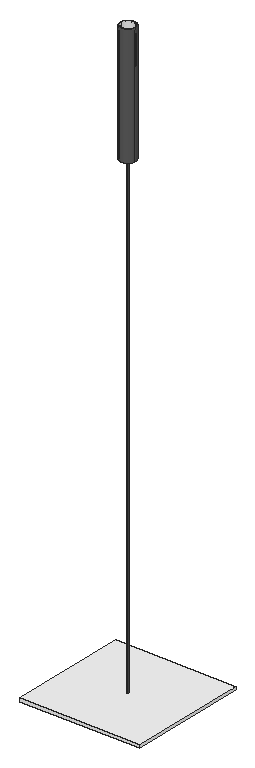
Revit family "BE_50983.2_de_DE", category Leuchten, Revit 2020
Family settings
  Basisbauteil = Fläche
  Bemaßung runder Anschluss = Durchmesser verwenden
  Teiletyp = Normal
  Beim Laden mit Abzugskörper schneiden = Ja
  Lichtquelle = Ja
  Gemeinsam genutzt = Nein
  Raumberechnungspunkt = Ja
Parameters (values of type "BEGA_50983.2_K3")
  built-in parameter 1150104 = 14.409 (stored number, unit not read)
  Wattage = 7.9 W
  Default Elevation = 0 mm
  built-in parameter 1150113 = 1 (stored number, unit not read)
  built-in parameter 1114218 = 1 (stored number, unit not read)
  Umgebungstemperatur = "25 °C"
  URL = "https://www.bega.com/de/produkt/50983.2"
  Typenkommentare = "© 2022 BEGA. Wir behalten uns das Recht vor, technische Änderungen ohne vorherige Ankündigung vorzunehmen."  # constant formula
  built-in parameter 1150134 = (empty or 0)
  built-in parameter 1150109 = 1 (stored number, unit not read)
  Strom = "0,35 A"
  built-in parameter 1150110 = 1 (stored number, unit not read)
  Spannung = 0 V
  Sonderanfertigung = no
  Seriennummer [instance] = "Hier können Sie die eindeutige Seriennummer für das Facility Management eintragen."
  Schutzklasse = "III"
  Schutzart = "IP 20"
  Scheinlast = 0 VA
  Produktdatenblatt = "https://cdn.bega.com/bega/products/50983.2K3/current/documents/data-sheets/de"
  Oberflächentemperatur = ""
  Neigungswinkel = 0.00°
  Modell = "50983.2K3"
  Material_35 = BEGA_Oberfläche_Samtschwarz_matt
  Material_22 = BEGA_Oberfläche_Aluminium_matt
  Material_17 = BEGA_Reflektor
  Material_15 = BEGA_Leuchtmedium_matt
  Material_11 = BEGA_Glas_opal
  Material_10 = BEGA_Glas_matt
  Material_09 = BEGA_Glas_klar
  Material_06 = BEGA_Oberfläche_Edelstahl_gebürstet
  Material_03 = BEGA_Oberfläche_Weiss_matt
  Material_02 = BEGA_Oberfläche_Silber_matt
  Material_01 [instance] = BEGA_Oberfläche_Grafit_matt
  M_W = no
  M_G = no
  M_A = no
  Logo = 0
  built-in parameter 1114217 = 1 (stored number, unit not read)
  built-in parameter 1150139 = (empty or 0)
  built-in parameter 1150105 = 97.505 (stored number, unit not read)
  built-in parameter 1150114 = 1 (stored number, unit not read)
  Lumens = 1225.29 lm
  built-in parameter 1150115 = 1 (stored number, unit not read)
  Leuchtenlichtstrom = "439 lm"
  Leuchtenanzahl = ""
  Lebensdauerkriterien = "L70B50 @ 25 °C = 113000 h"
  Lastklassifizierung = Beleuchtung
  built-in parameter 1150112 = 1 (stored number, unit not read)
  Lampenlichtstrom = "1225 lm"
  Lampe = "LED 7.9 W"
  LED_Modulbezeichnung = "LED-1123/930"
  Hersteller = "BEGA"  # constant formula
  Halbstreuwinkel = ""
  Gewicht = "0.58 kg"
  Gebrauchslageneinschränkung [instance] = ""
  Frequenz = ""
  Farbwiedergabeindex = "CRI > 90"
  Farbtemperaturverschiebung bei Dämpfen der Lampe = <Keine Auswahl>
  Farbtemperatur = "3000 K"
  Color Filter = 16777215
  built-in parameter 1150133 = 10 (stored number, unit not read)
  Energieeffizienzklasse = "LED A++ - A"
  built-in parameter 1150137 = (empty or 0)
  built-in parameter 1150132 = (empty or 0)
  ENEC = "ja"
  Dimmbar [instance] = "on/off"
  Datei für fotometrisches Netz = "BE_50983.2K3.IES"
  CE_Konformität = "ja"
  Bestellnummer = "50983.2K3"
  Beschreibung_Sonderanfertigung = "Hier können Sie Informationen zur Sonderanfertigung eintragen."
  Beschreibung = "Systempendelleuchte"
  built-in parameter 1150106 = 0.97505 (stored number, unit not read)
  Befestigungsbohrung = ""
  Befestigungsabstand = ""
  Ballwurfsicher = ""
  BEGA_Intern_aus = yes
  BEGA_Intern_an = yes
  BEGA_Intern_Konstruktion = yes
  BEGA_Intern = yes
  BEGA_IES = yes
  BEGA_Dummy = no
  Anschlussleitung = ""
  Anschlussleistung [instance] = "10 W"
  Anschlusskasten = ""
  built-in parameter 1150107 = 3000 (stored number, unit not read)
  built-in parameter 1150102 = (empty or 0)
  built-in parameter 1150138 = (empty or 0)
  Aktualisierung = "2022-05-19T04:00:07"
  Abstand_zur_angestrahlten_Fläche [instance] = ""
  AC/DC = ""
Reference planes
  plane 1 "Mitte (Vorne/Hinten)": y = 0
  plane 2: z = 0
  plane 3 "Mitte (Links/Rechts)": x = 0
  plane 4 "Links": x = -25
  plane 5 "Rechts": x = 25
  plane 6 "Unten": y = -25
  plane 7 "Oben": y = 25
  plane 8 "Vorne": z = 2000
  plane 9 "Hinten": z = 0
Forms (mm)
  Extrusion 1, solid, material "BEGA_Platte_Weiss"
    sketch origin (0, -1119.2, 0) x (1, 0, 0) y (0, 1, 0)
      loop
        line (-200, 1319.2) -> (-200, 919.2) -> (200, 919.2) -> (200, 1319.2) -> (-200, 1319.2)
    from 0 to -10
  Extrusion 2, solid, material "BEGA_Dummy_matt", visible <- "BEGA_Dummy"
    sketch origin (77.149, -76.023, 0) x (1, 0, 0) y (0, 1, 0)
      loop
        circle (-77.149, 76.023) r 25
    from 0 to 2000
Dimensions and locks
  plane 1 "Mitte (Vorne/Hinten)" to Extrusion 1 = 200 mm
  aligned and locked: plane 2 to Extrusion 1
  aligned and locked: level to Extrusion 1
Nested families
  nested 1: "BE_50983.2" at (0, 0, 0), type "BE_50983.2"
Connectors
  electrical at (0, 0, 0), driven by "Lastklassifizierung", driven by "Spannung", driven by "Scheinlast"
    settings: index 1, voltage 0 V, apparent load 0 VA, apparent load phase1 0 VA, apparent load phase2 0 VA, apparent load phase3 0 VA, power factor 1, load classification "Beleuchtung", number of poles 1, system type 31, power factor state 1, is connector primary yes, connector utility no, sub classification motor no, connector description ""
Definition of nested family "BE_50983.2"
  Parameters (values of type "BE_50983.2")
    Default Elevation = 1 mm
    URL = "http://www.bega.de/de/produkt"
    Type Comments = "© 2015 BEGA. Wir behalten uns das Recht vor, technische Änderungen ohne vorherige Ankündigung vorzunehmen. "  # constant formula
    Type Image = (empty or 0)
    Neigungswinkel_um_Z2 = 0.00°
    Neigungswinkel_um_Z1 = 0.00°
    Neigungswinkel_um_Y2 = 0.00°
    Neigungswinkel_um_Y1 = 0.00°
    Neigungswinkel_um_X2 = 0.00°
    Neigungswinkel_um_X1 = 0.00°
    Material_35 = none
    Material_22 = none
    Material_17 = none
    Material_15 = none
    Material_11 = none
    Material_10 = none
    Material_09 = none
    Material_06 = none
    Material_02 = none
    Material_01 = none
    M_W = yes
    M_G = yes
    M_A = yes
    Länge_Platte = 200 mm  # constant formula
    Höhe_Platte = -10 mm  # constant formula
    Manufacturer = "BEGA"  # constant formula
    Drehwinkel_um_Z2 = 0.00°
    Drehwinkel_um_Z1 = 0.00°
    Breite_Platte = 200 mm  # constant formula
  Reference planes
    plane 1 "Mitte (Oben/Unten)": y = 0
    plane 2: z = 0
    plane 3 "Mitte (Links/Rechts)": x = 0
    plane 4: z = 2000
    plane 5: x = 25
    plane 6: x = -25
    plane 7: y = 25
    plane 8: y = -25
  Forms (mm)
    Extrusion 1, solid, detail levels medium
      sketch origin (0, 0, 0) x (1, 0, 0) y (0, 1, 0)
        loop
          line (-100, 100) -> (-100, -100) -> (100, -100) -> (100, 100) -> (-100, 100)
      from 0 to -10 <- "Höhe_Platte"
    Revolve 2, solid, material <- "Material_35"
      sketch origin (0, 0, 0) x (1, 0, 0) y (0, 0, 1)
        loop
          line (-25, 2000) -> (-25, 1600) -> (-23, 1600) -> (-23, 2000) -> (-25, 2000)
        axis (0, 1600) -> (0, 2000)
      angle from 0 to 360
    Revolve 3, solid, material <- "Material_10"
      sketch origin (0, 0, 0) x (1, 0, 0) y (0, 0, 1)
        loop
          arc (0, 1960.4) -> (-11.082, 1957.336) -> (-19, 1949) r 21.5
          line (-19, 1949) -> (-18.029, 1947.6)
          arc (-18.029, 1947.6) -> (-10.642, 1955.846) -> (0, 1958.9) r 20
          line (0, 1958.9) -> (0, 1960.4)
        axis (0, 1947.6) -> (0, 1960.4)
      angle from 0 to 360
    Revolve 4, solid, material <- "Material_35"
      sketch origin (0, 0, 0) x (1, 0, 0) y (0, 0, 1)
        loop
          line (-22.5, 1949.5) -> (-22.5, 1911.5) -> (0, 1911.5) -> (0, 1914.5) -> (-22, 1914.5) -> (-22, 1949) -> (-19.697, 1949) -> (-19, 1949.5) -> (-22.5, 1949.5)
        axis (0, 1911.5) -> (0, 1949.5)
      angle from 0 to 360
    Revolve 5, solid, material <- "Material_35"
      sketch origin (0, 0, 0) x (1, 0, 0) y (0, 0, 1)
        loop
          line (-22.7, 1613.5) -> (-22.7, 1605.5) -> (-24, 1605.5) -> (-24, 1603.5) -> (-1.65, 1603.5) -> (-1.65, 1613.5) -> (-22.7, 1613.5)
        axis (0, 1603.5) -> (0, 1613.5)
      angle from 0 to 360
    Revolve 6, solid, material <- "Material_35"
      sketch origin (0, 0, 0) x (1, 0, 0) y (0, 0, 1)
        loop
          line (-1.65, 0) -> (0, 0) -> (0, 1613.5) -> (-1.65, 1613.5) -> (-1.65, 0)
        axis (0, 0) -> (0, 1613.5)
      angle from 0 to 360
    Extrusion 7, solid, material <- "Material_22"
      sketch origin (0, 0, 0) x (1, 0, 0) y (0, 1, 0)
        loop
          circle (0, 0) r 23
        loop
          circle (0, 0) r 22.528
      from 1880.689 to 2000
  Dimensions and locks
    equal spacing: Extrusion 1 sketch curve, plane 3 "Mitte (Links/Rechts)", Extrusion 1 sketch curve
    equal spacing: Extrusion 1 sketch curve, plane 1 "Mitte (Oben/Unten)", Extrusion 1 sketch curve
    "Länge_Platte": Extrusion 1 sketch curve to Extrusion 1 sketch curve
    "Breite_Platte": Extrusion 1 sketch curve to Extrusion 1 sketch curve
    aligned and locked: plane 2 to Extrusion 1
    aligned and locked: level to Extrusion 1
  Automatic sketch dimensions
    Revolve 2 sketch curve to plane 3 "Mitte (Links/Rechts)" = 25 mm
    Revolve 2 sketch curve to Revolve 2 sketch curve = 2 mm  (x3)
    Revolve 2 sketch curve to Revolve 2 sketch curve = 400 mm
    Revolve 3 sketch curve to Revolve 3 sketch curve = 0 mm  (x3)
    Revolve 3 sketch curve to plane 3 "Mitte (Links/Rechts)" = 0.02 mm
    Revolve 3 sketch curve to plane 3 "Mitte (Links/Rechts)" = 18.029 mm
    Revolve 3 sketch curve to Revolve 3 sketch curve = 0.971 mm
    Revolve 3 sketch curve to Revolve 3 sketch curve = 8.7 mm
    Revolve 3 sketch curve to Revolve 3 sketch curve = 1.4 mm
    Revolve 3 sketch curve to plane 3 "Mitte (Links/Rechts)" = 0 mm  (x2)
    Revolve 4 sketch curve to Revolve 4 sketch curve = 0.5 mm  (x2)
    Revolve 4 sketch curve to Revolve 4 sketch curve = 2.303 mm
    Revolve 4 sketch curve to Revolve 4 sketch curve = 0.697 mm
    Revolve 4 sketch curve to Revolve 4 sketch curve = 34.5 mm
    Revolve 4 sketch curve to Revolve 4 sketch curve = 22 mm
    Revolve 4 sketch curve to plane 3 "Mitte (Links/Rechts)" = 0 mm  (x2)
    Revolve 4 sketch curve to Revolve 4 sketch curve = 3 mm
    Revolve 5 sketch curve to Revolve 5 sketch curve = 21.05 mm
    Revolve 5 sketch curve to Revolve 5 sketch curve = 8 mm
    Revolve 5 sketch curve to Revolve 5 sketch curve = 1.3 mm
    Revolve 5 sketch curve to plane 3 "Mitte (Links/Rechts)" = 1.65 mm
    Revolve 5 sketch curve to Revolve 5 sketch curve = 2 mm
    Revolve 6 sketch curve to Revolve 6 sketch curve = 1613.5 mm
    Revolve 6 sketch curve to level = 0 mm
    Revolve 6 sketch curve to plane 3 "Mitte (Links/Rechts)" = 0 mm
    Revolve 6 sketch curve to plane 3 "Mitte (Links/Rechts)" = 1.65 mm
    Extrusion 7 sketch curve to Extrusion 7 sketch curve = 0 mm  (x6)
    plane 1 "Mitte (Oben/Unten)" to Extrusion 7 sketch curve = 0 mm
    Extrusion 7 sketch curve to plane 3 "Mitte (Links/Rechts)" = 0 mm
    Extrusion 7 sketch curve to Extrusion 7 sketch curve = 23 mm
    Revolve 2 sketch curve to plane 3 "Mitte (Links/Rechts)" = 0 mm
    level to Revolve 2 sketch curve = 1600 mm
    level to Revolve 3 sketch curve = 1938.9 mm
    Revolve 3 sketch curve to Revolve 3 sketch curve = 347.379 mm
    Revolve 3 sketch curve to Revolve 3 sketch curve = 5.709 mm
    level to Revolve 4 sketch curve = 1911.5 mm
    Revolve 4 sketch curve to Revolve 4 sketch curve = 319.979 mm
    Revolve 4 sketch curve to Revolve 4 sketch curve = 16.609 mm
    Revolve 5 sketch curve to plane 3 "Mitte (Links/Rechts)" = 0 mm
    level to Revolve 5 sketch curve = 1603.5 mm
    Revolve 5 sketch curve to Revolve 5 sketch curve = 125 mm
    Revolve 5 sketch curve to Revolve 5 sketch curve = 309 mm
    radius of Extrusion 7 sketch curve = 22.528 mm
